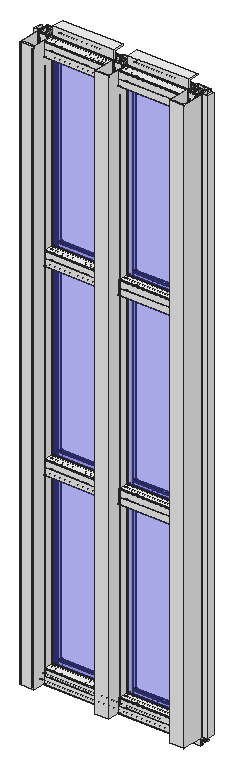
Revit family "Facade_60_Curtain_Wall_E23_Standard", category Windows, host Wall, Revit 2014 (continued)
Definition of nested family "F60 Horizontal Profile Middle_E23_Std"
  Forms (mm)
    Extrusion 5, solid, material <- "Thermal Break Material", visible <- "Single Glazing"
      sketch origin (0, 0, 0) x (0, 1, 0) y (0, 0, 1)
        loop
          arc (-60.65, 31.496) -> (-61.004, 31.349) -> (-61.15, 30.996) r 0.5
          line (-61.15, 30.996) -> (-61.15, 29.006)
          arc (-61.15, 29.006) -> (-61.004, 28.652) -> (-60.65, 28.506) r 0.5
          line (-60.65, 28.506) -> (-59.794, 28.506)
        loop
          line (-47.854, 30.898) -> (-49.415, 31.653) -> (-56.782, 31.653)
          arc (-56.782, 31.653) -> (-57.207, 31.417) -> (-57.23, 30.932) r 0.5
          arc (-57.23, 30.932) -> (-57.013, 30.001) -> (-57.23, 29.07) r 2.099
          arc (-57.23, 29.07) -> (-57.207, 28.584) -> (-56.782, 28.348) r 0.5
          line (-56.782, 28.348) -> (-49.415, 28.348) -> (-48.055, 29.007)
          arc (-48.055, 29.007) -> (-47.35, 29.888) -> (-47.854, 30.898) r 1.047
      from 0 to 250 <- "Length"
    Extrusion 6, solid, material <- "Profile Material", visible <- "Single Glazing"
      sketch origin (0, 0, 0) x (0, 1, 0) y (0, 0, 1)
        loop
          line (-63.8, 52.694) -> (-64.8, 52.694) -> (-64.8, 51.544) -> (-66.05, 51.544) -> (-66.05, 57.044) -> (-64.8, 57.044) -> (-64.8, 55.894) -> (-63.8, 55.894) -> (-63.8, 58.294)
          arc (-63.8, 58.294) -> (-64.082, 58.803) -> (-64.664, 58.835) r 0.6
          line (-64.664, 58.835) -> (-66.562, 57.91) -> (-67.088, 58.988) -> (-68.05, 58.519) -> (-68.05, 48.513)
          arc (-68.05, 48.513) -> (-67.874, 48.089) -> (-67.45, 47.913) r 0.6
          line (-67.45, 47.913) -> (-66.6, 47.913) -> (-66.6, 12.09) -> (-67.45, 12.09)
          arc (-67.45, 12.09) -> (-67.874, 11.914) -> (-68.05, 11.49) r 0.6
          line (-68.05, 11.49) -> (-68.05, 1.485) -> (-67.088, 1.016) -> (-66.562, 2.095) -> (-64.663, 1.169)
          arc (-64.663, 1.169) -> (-64.082, 1.2) -> (-63.8, 1.709) r 0.6
          line (-63.8, 1.709) -> (-63.8, 4.109) -> (-64.8, 4.109) -> (-64.8, 2.959) -> (-66.05, 2.959) -> (-66.05, 8.459) -> (-64.8, 8.459) -> (-64.8, 7.309) -> (-63.8, 7.309) -> (-63.8, 27.674) -> (-62.4, 28.483) -> (-62.4, 31.521) -> (-63.8, 32.329) -> (-63.8, 52.694)
      from 0 to 250 <- "Length"
    Extrusion 7, solid, material <- "Profile Material", visible <- "Single Glazing"
      sketch origin (0, 0, 0) x (0, 1, 0) y (0, 0, 1)
        loop
          line (-68.551, 3.3) -> (-76.559, 3.3) -> (-76.559, 30) -> (-76.559, 56.15)
          arc (-76.559, 56.15) -> (-75.739, 58.13) -> (-73.759, 58.95) r 2.8
          line (-73.759, 58.95) -> (-69.151, 58.95) -> (-69.151, 57.2)
          arc (-69.151, 57.2) -> (-68.987, 56.829) -> (-68.601, 56.703) r 0.5
          arc (-68.601, 56.703) -> (-68.216, 56.829) -> (-68.051, 57.2) r 0.5
          line (-68.051, 57.2) -> (-68.051, 58.517) -> (-67.089, 58.986) -> (-66.563, 57.907) -> (-63.866, 59.222)
          arc (-63.866, 59.222) -> (-64.001, 59.762) -> (-64.504, 60) r 0.65
          line (-64.504, 60) -> (-73.859, 60)
          arc (-73.859, 60) -> (-76.687, 58.828) -> (-77.859, 56) r 4
          line (-77.859, 56) -> (-77.859, 30) -> (-77.859, 2.493)
          arc (-77.859, 2.493) -> (-77.197, 0.799) -> (-75.562, 0.002) r 2.5
          arc (-75.562, 0.002) -> (-75.182, 0.132) -> (-75.021, 0.5) r 0.5
          line (-75.021, 0.5) -> (-75.021, 2) -> (-69.151, 2) -> (-69.151, 0.5)
          arc (-69.151, 0.5) -> (-69.005, 0.146) -> (-68.651, 0) r 0.5
          line (-68.651, 0) -> (-64.504, 0)
          arc (-64.504, 0) -> (-64.001, 0.238) -> (-63.866, 0.778) r 0.65
          line (-63.866, 0.778) -> (-66.563, 2.093) -> (-67.089, 1.014) -> (-68.051, 1.483) -> (-68.051, 2.8)
          arc (-68.051, 2.8) -> (-68.198, 3.154) -> (-68.551, 3.3) r 0.5
      from 0 to 250 <- "Length"
    Extrusion 8, solid, material <- "Thermal Break Material", visible <- "Double Glazing"
      sketch origin (0, 0, 0) x (0, 1, 0) y (0, 0, 1)
        loop
          line (-77.8, 27.673) -> (-77.8, 25.751)
          arc (-77.8, 25.751) -> (-77.654, 25.397) -> (-77.3, 25.251) r 0.5
          line (-77.3, 25.251) -> (-59.8, 25.251)
          arc (-59.8, 25.251) -> (-59.446, 25.397) -> (-59.3, 25.751) r 0.5
          line (-59.3, 25.751) -> (-59.3, 27.647) -> (-49.599, 27.647) -> (-47.528, 28.649)
          arc (-47.528, 28.649) -> (-46.803, 29.999) -> (-47.528, 31.349) r 1.62
          line (-47.528, 31.349) -> (-49.602, 32.353) -> (-59.3, 32.353) -> (-59.3, 34.251)
          arc (-59.3, 34.251) -> (-59.446, 34.604) -> (-59.8, 34.751) r 0.5
          line (-59.8, 34.751) -> (-77.3, 34.751)
          arc (-77.3, 34.751) -> (-77.654, 34.604) -> (-77.8, 34.251) r 0.5
          line (-77.8, 34.251) -> (-77.8, 32.327) -> (-76.4, 31.52) -> (-76.4, 28.482) -> (-77.8, 27.673)
        loop
          line (-59.006, 30.708) -> (-61.156, 32.858)
          arc (-61.156, 32.858) -> (-61.48, 33.074) -> (-61.863, 33.151) r 1
          line (-61.863, 33.151) -> (-73.8, 33.151)
          arc (-73.8, 33.151) -> (-74.507, 32.858) -> (-74.8, 32.151) r 1
          line (-74.8, 32.151) -> (-74.8, 27.851)
          arc (-74.8, 27.851) -> (-74.507, 27.144) -> (-73.8, 26.851) r 1
          line (-73.8, 26.851) -> (-61.863, 26.851)
          arc (-61.863, 26.851) -> (-61.48, 26.927) -> (-61.156, 27.144) r 1
          line (-61.156, 27.144) -> (-59.006, 29.294)
          arc (-59.006, 29.294) -> (-58.788, 29.618) -> (-58.713, 30.001) r 0.986
          arc (-58.713, 30.001) -> (-58.79, 30.383) -> (-59.006, 30.708) r 1.007
        loop
          line (-56.782, 28.347) -> (-49.415, 28.347) -> (-48.055, 29.005)
          arc (-48.055, 29.005) -> (-47.35, 29.887) -> (-47.854, 30.896) r 1.047
          line (-47.854, 30.896) -> (-49.415, 31.652) -> (-56.782, 31.652)
          arc (-56.782, 31.652) -> (-57.207, 31.416) -> (-57.23, 30.93) r 0.5
          arc (-57.23, 30.93) -> (-57.013, 29.999) -> (-57.23, 29.068) r 2.099
          arc (-57.23, 29.068) -> (-57.207, 28.583) -> (-56.782, 28.347) r 0.5
      from 0 to 250 <- "Length"
    Extrusion 9, solid, material <- "Profile Material", visible <- "Double Glazing"
      sketch origin (0, 0, 0) x (0, 1, 0) y (0, 0, 1)
        loop
          line (-77.8, 52.694) -> (-78.8, 52.694) -> (-78.8, 51.544) -> (-80.05, 51.544) -> (-80.05, 57.044) -> (-78.8, 57.044) -> (-78.8, 55.894) -> (-77.8, 55.894) -> (-77.8, 58.294)
          arc (-77.8, 58.294) -> (-78.082, 58.802) -> (-78.664, 58.834) r 0.6
          line (-78.664, 58.834) -> (-80.562, 57.909) -> (-81.088, 58.988) -> (-82.05, 58.518) -> (-82.05, 48.512)
          arc (-82.05, 48.512) -> (-81.874, 48.088) -> (-81.45, 47.912) r 0.6
          line (-81.45, 47.912) -> (-80.6, 47.912) -> (-80.6, 12.089) -> (-81.45, 12.089)
          arc (-81.45, 12.089) -> (-81.874, 11.913) -> (-82.05, 11.489) r 0.6
          line (-82.05, 11.489) -> (-82.05, 1.484) -> (-81.088, 1.015) -> (-80.562, 2.094) -> (-78.663, 1.169)
          arc (-78.663, 1.169) -> (-78.082, 1.199) -> (-77.8, 1.708) r 0.6
          line (-77.8, 1.708) -> (-77.8, 4.108) -> (-78.8, 4.108) -> (-78.8, 2.958) -> (-80.05, 2.958) -> (-80.05, 8.458) -> (-78.8, 8.458) -> (-78.8, 7.308) -> (-77.8, 7.308) -> (-77.8, 27.673) -> (-76.4, 28.482) -> (-76.4, 31.52) -> (-77.8, 32.328) -> (-77.8, 52.694)
      from 0 to 250 <- "Length"
    Extrusion 10, solid, material <- "Profile Material", visible <- "Double Glazing"
      sketch origin (0, 0, 0) x (0, 1, 0) y (0, 0, 1)
        loop
          line (-82.551, 3.3) -> (-90.558, 3.3) -> (-90.558, 30) -> (-90.558, 56.15)
          arc (-90.558, 56.15) -> (-89.738, 58.13) -> (-87.758, 58.95) r 2.8
          line (-87.758, 58.95) -> (-83.151, 58.95) -> (-83.151, 57.2)
          arc (-83.151, 57.2) -> (-82.986, 56.829) -> (-82.601, 56.703) r 0.5
          arc (-82.601, 56.703) -> (-82.215, 56.829) -> (-82.051, 57.2) r 0.5
          line (-82.051, 57.2) -> (-82.051, 58.517) -> (-81.088, 58.986) -> (-80.563, 57.907) -> (-77.866, 59.222)
          arc (-77.866, 59.222) -> (-78, 59.762) -> (-78.503, 60) r 0.65
          line (-78.503, 60) -> (-87.858, 60)
          arc (-87.858, 60) -> (-90.687, 58.828) -> (-91.858, 56) r 4
          line (-91.858, 56) -> (-91.858, 30) -> (-91.858, 2.493)
          arc (-91.858, 2.493) -> (-91.196, 0.799) -> (-89.561, 0.002) r 2.5
          arc (-89.561, 0.002) -> (-89.182, 0.132) -> (-89.021, 0.5) r 0.5
          line (-89.021, 0.5) -> (-89.021, 2) -> (-83.151, 2) -> (-83.151, 0.5)
          arc (-83.151, 0.5) -> (-83.004, 0.146) -> (-82.651, 0) r 0.5
          line (-82.651, 0) -> (-78.503, 0)
          arc (-78.503, 0) -> (-78, 0.238) -> (-77.866, 0.778) r 0.65
          line (-77.866, 0.778) -> (-80.563, 2.093) -> (-81.088, 1.014) -> (-82.051, 1.483) -> (-82.051, 2.8)
          arc (-82.051, 2.8) -> (-82.197, 3.154) -> (-82.551, 3.3) r 0.5
      from 0 to 250 <- "Length"
  Dimensions and locks
    aligned and locked: level to plane 2
Types (33, lengths in mm): name | Windload Design | Width | Vertical Profile Length | Transom Vertical Spacing | Top Transom Top Gap | Quarter Expansion Break | Overall Width | Overall Height | Mullion Side Gap | Mullion Configuration | Bottom Transom Bottom Gap | Mid Glazing Bottom Gap | Max Pane Area | Sill Length | Length Sill | Intruderprufe U Value | Intruderprufe SHGC Value | Intruderprufe LowE U Value | Intruderprufe LowE SHGC Value | Intruderprufe Insulated U Value | Intruderprufe Insulated SHGC Value | Intruderprufe Insulated LowE U Value | Intruderprufe Insulated LowE SHGC Value | Horizontal Profile Length | Glazing Width | Glazing Height | Glazing Gap SG | Glazing Gap DG | DG Thickness Calc | DG Thickness | Height | SG Thickness | Custom Curtain Wall Width | Custom Curtain Wall Height | Custom Windload | 190mm Mullion | 160mm Mullion | 100mm Mullion
  (no name) | 2000 | 699.2 | 2460 | 740 | 800 | no | 699.2 | 2490 | 319.6 | 1 | 830 | 869.8 | 0.23412 m² | 699.2 | 699.2 | 5.74 | 0.701 | 4.29 | 0.615 | 3.05 | 0.604 | 2.41 | 0.544 | 259.6 | 300 | 780.4 | 5 | 4 | 4 | 4 | 2490 | 4 | 599 | 2490 | 2000 | no | no | yes
  F60-E23-1825-1000Pa | 1000 | 1790 | 2460 | 740 | 800 | no | 2000 | 3000 | 865 | 1 | 830 | 869.8 | 0.65975 m² | 1790 | 1790 | 5.66 | 0.663 | 4.43 | 0.581 | 3.18 | 0.572 | 2.59 | 0.515 | 805 | 845.4 | 780.4 | 5 | 4 | 4 | 4 | 2490 | 4 | 1790 | 2490 | 1000 | no | no | yes
  F60-E23-1825-1500Pa | 1500 | 1790 | 2460 | 740 | 800 | no | 2000 | 3000 | 865 | 1 | 830 | 869.8 | 0.65975 m² | 1790 | 1790 | 5.66 | 0.663 | 4.43 | 0.581 | 3.18 | 0.572 | 2.59 | 0.515 | 805 | 845.4 | 780.4 | 5 | 4 | 4 | 4 | 2490 | 4 | 1790 | 2490 | 1500 | no | no | yes
  F60-E23-1825-2000Pa | 2000 | 1790 | 2460 | 740 | 800 | no | 2000 | 3000 | 865 | 1 | 830 | 869.8 | 0.65975 m² | 1790 | 1790 | 5.66 | 0.663 | 4.43 | 0.581 | 3.18 | 0.572 | 2.59 | 0.515 | 805 | 845.4 | 780.4 | 5 | 4 | 4 | 4 | 2490 | 4 | 1790 | 2490 | 2000 | no | no | yes
  F60-E23-2425-1000Pa | 1000 | 2390 | 2460 | 740 | 800 | no | 2000 | 3000 | 1165 | 1 | 830 | 869.8 | 0.89387 m² | 2390 | 2390 | 5.98 | 0.67 | 4.4 | 0.5888 | 3.15 | 0.578 | 2.56 | 0.521 | 1105 | 1145.4 | 780.4 | 5 | 4 | 4 | 4 | 2490 | 4 | 2390 | 2490 | 1000 | no | no | yes
  F60-E23-2425-1500Pa | 1500 | 2390 | 2460 | 740 | 800 | no | 2000 | 3000 | 1165 | 1 | 830 | 869.8 | 0.89387 m² | 2390 | 2390 | 5.98 | 0.67 | 4.4 | 0.5888 | 3.15 | 0.578 | 2.56 | 0.521 | 1105 | 1145.4 | 780.4 | 5 | 4 | 4 | 4 | 2490 | 4 | 2390 | 2490 | 1500 | no | no | yes
  F60-E23-2425-2000Pa | 2000 | 2390 | 2460 | 740 | 800 | no | 2000 | 3000 | 1165 | 2 | 830 | 869.8 | 0.89387 m² | 2390 | 2390 | 5.98 | 0.67 | 4.4 | 0.5888 | 3.15 | 0.578 | 2.56 | 0.521 | 1105 | 1145.4 | 780.4 | 5 | 4 | 4 | 4 | 2490 | 4 | 2390 | 2490 | 2000 | no | yes | no
  F60-E23-3025-1000Pa | 1000 | 2990 | 2460 | 740 | 800 | no | 2000 | 3000 | 1465 | 1 | 830 | 869.8 | 1.12799 m² | 2990 | 2990 | 5.7 | 0.681 | 4.36 | 0.597 | 3.12 | 0.587 | 2.51 | 0.529 | 1405 | 1445.4 | 780.4 | 5 | 4 | 4 | 4 | 2490 | 4 | 2990 | 2490 | 1000 | no | no | yes
  F60-E23-3025-1500Pa | 1500 | 2990 | 2460 | 740 | 800 | no | 2000 | 3000 | 1465 | 1 | 830 | 869.8 | 1.12799 m² | 2990 | 2990 | 5.7 | 0.681 | 4.36 | 0.597 | 3.12 | 0.587 | 2.51 | 0.529 | 1405 | 1445.4 | 780.4 | 5 | 4 | 4 | 4 | 2490 | 4 | 2990 | 2490 | 1500 | no | no | yes
  F60-E23-3025-2000Pa | 2000 | 2990 | 2460 | 740 | 800 | no | 2000 | 3000 | 1465 | 2 | 830 | 869.8 | 1.12799 m² | 2990 | 2990 | 5.7 | 0.681 | 4.36 | 0.597 | 3.12 | 0.587 | 2.51 | 0.529 | 1405 | 1445.4 | 780.4 | 5 | 4 | 4 | 4 | 2490 | 4 | 2990 | 2490 | 2000 | no | yes | no
  F60-E23-3625-1000Pa | 1000 | 3590 | 2460 | 740 | 800 | no | 2000 | 3000 | 1765 | 1 | 830 | 869.8 | 1.36211 m² | 3590 | 3590 | 5.7 | 0.688 | 4.34 | 0.603 | 3.1 | 0.592 | 2.048 | 0.534 | 1705 | 1745.4 | 780.4 | 5 | 4 | 4 | 4 | 2490 | 4 | 3590 | 2490 | 1000 | no | no | yes
  F60-E23-3625-1500Pa | 1500 | 3590 | 2460 | 740 | 800 | no | 2000 | 3000 | 1765 | 2 | 830 | 869.8 | 1.36211 m² | 3590 | 3590 | 5.7 | 0.688 | 4.34 | 0.603 | 3.1 | 0.592 | 2.048 | 0.534 | 1705 | 1745.4 | 780.4 | 5 | 4 | 4 | 4 | 2490 | 4 | 3590 | 2490 | 1500 | no | yes | no
  F60-E23-3625-2000Pa | 2000 | 3590 | 2460 | 740 | 800 | no | 2000 | 3000 | 1765 | 2 | 830 | 869.8 | 1.36211 m² | 3590 | 3590 | 5.7 | 0.688 | 4.34 | 0.603 | 3.1 | 0.592 | 2.048 | 0.534 | 1705 | 1745.4 | 780.4 | 5 | 4 | 4 | 4 | 2490 | 4 | 3590 | 2490 | 2000 | no | yes | no
  F60-E23-4225-1000Pa | 1000 | 4190 | 2460 | 740 | 800 | no | 2000 | 2490 | 2065 | 1 | 830 | 869.8 | 1.59623 m² | 4190 | 4190 | 5.72 | 0.693 | 4.32 | 0.607 | 3.08 | 0.596 | 2.45 | 0.538 | 2005 | 2045.4 | 780.4 | 4.5 | 4 | 4 | 4 | 2490 | 5 | 4190 | 2490 | 1000 | no | no | yes
  F60-E23-4225-1500Pa | 1500 | 4190 | 2460 | 740 | 800 | no | 2000 | 2490 | 2065 | 2 | 830 | 869.8 | 1.59623 m² | 4190 | 4190 | 5.72 | 0.693 | 4.32 | 0.607 | 3.08 | 0.596 | 2.45 | 0.538 | 2005 | 2045.4 | 780.4 | 4.5 | 4 | 4 | 4 | 2490 | 5 | 4190 | 2490 | 1500 | no | yes | no
  F60-E23-4225-2000Pa | 2000 | 4190 | 2460 | 740 | 800 | no | 2000 | 2490 | 2065 | 2 | 830 | 869.8 | 1.59623 m² | 4190 | 4190 | 5.72 | 0.693 | 4.32 | 0.607 | 3.08 | 0.596 | 2.45 | 0.538 | 2005 | 2045.4 | 780.4 | 4.5 | 4 | 4 | 4 | 2490 | 5 | 4190 | 2490 | 2000 | no | yes | no
  F60-E23-4825-1000Pa | 1000 | 4790 | 2460 | 740 | 800 | no | 2000 | 2490 | 2365 | 1 | 830 | 869.8 | 1.83035 m² | 4790 | 4790 | 5.73 | 0.696 | 4.31 | 0.61 | 3.07 | 0.6 | 2.44 | 0.54 | 2305 | 2345.4 | 780.4 | 4.5 | 4 | 4 | 4 | 2490 | 5 | 4790 | 2490 | 1000 | no | no | yes
  F60-E23-4825-1500Pa | 1500 | 4790 | 2460 | 740 | 800 | no | 2000 | 2490 | 2365 | 2 | 830 | 869.8 | 1.83035 m² | 4790 | 4790 | 5.73 | 0.696 | 4.31 | 0.61 | 3.07 | 0.6 | 2.44 | 0.54 | 2305 | 2345.4 | 780.4 | 4.5 | 4 | 4 | 4 | 2490 | 5 | 4790 | 2490 | 1500 | no | yes | no
  F60-E23-4825-2000Pa | 2000 | 4790 | 2460 | 740 | 800 | no | 2000 | 2490 | 2365 | 2 | 830 | 869.8 | 1.83035 m² | 4790 | 4790 | 5.73 | 0.696 | 4.31 | 0.61 | 3.07 | 0.6 | 2.44 | 0.54 | 2305 | 2345.4 | 780.4 | 4.5 | 4 | 4 | 4 | 2490 | 5 | 4790 | 2490 | 2000 | no | yes | no
  F60-E23-5425-1000Pa | 1000 | 5390 | 2460 | 740 | 800 | no | 2000 | 2490 | 2665 | 1 | 830 | 869.8 | 2.06447 m² | 5390 | 5390 | 5.74 | 0.699 | 4.3 | 0.613 | 3.06 | 0.602 | 2.42 | 0.543 | 2605 | 2645.4 | 780.4 | 4.5 | 4 | 4 | 4 | 2490 | 5 | 5390 | 2490 | 1000 | no | no | yes
  F60-E23-5425-1500Pa | 1500 | 5390 | 2460 | 740 | 800 | no | 2000 | 2490 | 2665 | 2 | 830 | 869.8 | 2.06447 m² | 5390 | 5390 | 5.74 | 0.699 | 4.3 | 0.613 | 3.06 | 0.602 | 2.42 | 0.543 | 2605 | 2645.4 | 780.4 | 4.5 | 4 | 4 | 4 | 2490 | 5 | 5390 | 2490 | 1500 | no | yes | no
  F60-E23-5425-2000Pa | 2000 | 5390 | 2460 | 740 | 800 | no | 2000 | 2490 | 2665 | 2 | 830 | 869.8 | 2.06447 m² | 5390 | 5390 | 5.74 | 0.699 | 4.3 | 0.613 | 3.06 | 0.602 | 2.42 | 0.543 | 2605 | 2645.4 | 780.4 | 4.5 | 4 | 4 | 4 | 2490 | 5 | 5390 | 2490 | 2000 | no | yes | no
  F60-E23-6025-1000Pa | 1000 | 699.2 | 2460 | 740 | 800 | no | 2000 | 2490 | 319.6 | 1 | 830 | 869.8 | 0.23412 m² | 699.2 | 699.2 | 5.74 | 0.701 | 4.29 | 0.615 | 3.05 | 0.604 | 2.41 | 0.544 | 259.6 | 300 | 780.4 | 5 | 4 | 4 | 4 | 2490 | 4 | 599 | 2490 | 1000 | no | no | yes
  F60-E23-6025-1500Pa | 1500 | 699.2 | 2460 | 740 | 800 | no | 2000 | 2490 | 319.6 | 1 | 830 | 869.8 | 0.23412 m² | 699.2 | 699.2 | 5.74 | 0.701 | 4.29 | 0.615 | 3.05 | 0.604 | 2.41 | 0.544 | 259.6 | 300 | 780.4 | 5 | 4 | 4 | 4 | 2490 | 4 | 599 | 2490 | 1500 | no | no | yes
  F60-E23-6025-2000Pa | 2000 | 699.2 | 2460 | 740 | 800 | no | 699.2 | 2490 | 319.6 | 1 | 830 | 869.8 | 0.23412 m² | 699.2 | 699.2 | 5.74 | 0.701 | 4.29 | 0.615 | 3.05 | 0.604 | 2.41 | 0.544 | 259.6 | 300 | 780.4 | 5 | 4 | 4 | 4 | 2490 | 4 | 599 | 2490 | 2000 | no | no | yes
  F60-E23-1850-1000Pa | 1000 | 1790 | 4960 | 1573.333 | 1633.333 | no | 699.2 | 2490 | 865 | 2 | 1663.333 | 1703.133 | 1.36425 m² | 1790 | 1790 | 5.64 | 0.685 | 4.28 | 0.6 | 3.1 | 0.59 | 2.48 | 0.532 | 805 | 845.4 | 1613.733 | 5 | 4 | 4 | 4 | 4990 | 4 | 1790 | 4990 | 1000 | no | yes | no
  F60-E23-1850-1500Pa | 1500 | 1790 | 4960 | 1573.333 | 1633.333 | no | 699.2 | 2490 | 865 | 3 | 1663.333 | 1703.133 | 1.36425 m² | 1790 | 1790 | 5.64 | 0.685 | 4.28 | 0.6 | 3.1 | 0.59 | 2.48 | 0.532 | 805 | 845.4 | 1613.733 | 5 | 4 | 4 | 4 | 4990 | 4 | 1790 | 4990 | 1500 | yes | no | no
  F60-E23-1850-2000Pa | 2000 | 1790 | 4960 | 1573.333 | 1633.333 | no | 699.2 | 2490 | 865 | 3 | 1663.333 | 1703.133 | 1.36425 m² | 1790 | 1790 | 5.64 | 0.685 | 4.28 | 0.6 | 3.1 | 0.59 | 2.48 | 0.532 | 805 | 845.4 | 1613.733 | 5 | 4 | 4 | 4 | 4990 | 4 | 1790 | 4990 | 2000 | yes | no | no
  F60-E23-2450-1000Pa | 1000 | 2390 | 4960 | 1573.333 | 1633.333 | no | 699.2 | 2490 | 1165 | 3 | 1663.333 | 1703.133 | 1.84837 m² | 2390 | 2390 | 5.66 | 0.692 | 4.25 | 0.607 | 3.07 | 0.596 | 2.44 | 0.537 | 1105 | 1145.4 | 1613.733 | 4.5 | 4 | 4 | 4 | 4990 | 5 | 2390 | 4990 | 1000 | yes | no | no
  F60-E23-2450-1500Pa | 1500 | 2390 | 4960 | 1573.333 | 1633.333 | no | 699.2 | 2490 | 1165 | 3 | 1663.333 | 1703.133 | 1.84837 m² | 2390 | 2390 | 5.66 | 0.692 | 4.25 | 0.607 | 3.07 | 0.596 | 2.44 | 0.537 | 1105 | 1145.4 | 1613.733 | 4.5 | 4 | 4 | 4 | 4990 | 5 | 2390 | 4990 | 1500 | yes | no | no
  F60-E23-3050-1000Pa | 1000 | 2990 | 4960 | 1573.333 | 1633.333 | no | 699.2 | 2490 | 1465 | 3 | 1663.333 | 1703.133 | 2.33249 m² | 2990 | 2990 | 5.68 | 0.703 | 4.21 | 0.616 | 3.04 | 0.605 | 2.39 | 0.546 | 1405 | 1445.4 | 1613.733 | 3.8 | 3 | 5 | 5 | 4990 | 6.4 | 2990 | 4990 | 1000 | yes | no | no
  F60-E23-3650-1000Pa | 1000 | 3590 | 4960 | 1573.333 | 1633.333 | no | 699.2 | 2490 | 1765 | 3 | 1663.333 | 1703.133 | 2.81661 m² | 3590 | 3590 | 5.7 | 0.71 | 4.19 | 0.622 | 3.01 | 0.611 | 2.36 | 0.551 | 1705 | 1745.4 | 1613.733 | 3.8 | 3 | 5 | 5 | 4990 | 6.4 | 3590 | 4990 | 1000 | yes | no | no
  F60-E23-4250-1000Pa | 1000 | 4190 | 4960 | 1573.333 | 1633.333 | yes | 4190 | 4990 | 2065 | 3 | 1663.333 | 1703.133 | 3.30073 m² | 4190 | 4190 | 5.71 | 0.716 | 4.17 | 0.627 | 3 | 0.616 | 2.34 | 0.555 | 2005 | 2045.4 | 1613.733 | 3 | 2 | 6 | 6 | 4990 | 8 | 4190 | 4990 | 1000 | yes | no | no
